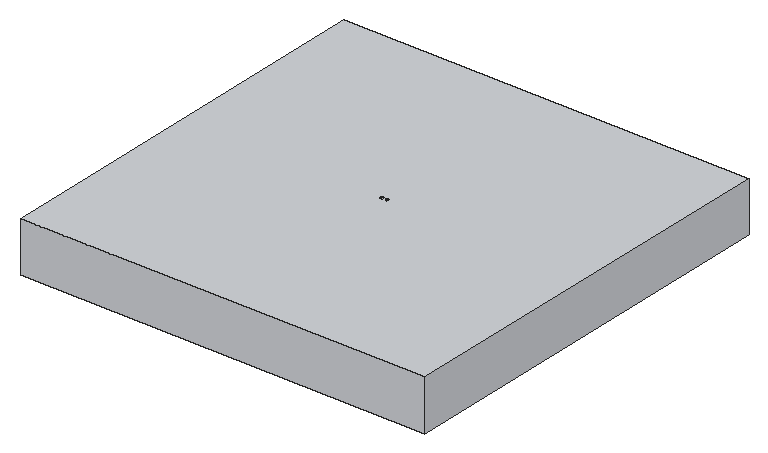
Revit family "IS_Active_B8079_BIM_GB", category Plumbing Fixtures, host Face, Revit 2012
Parameters (values of type "B8079AA-Active Kitchen Mixer 1 Hole Single Lever Handle")
  WorkingPressure = "6 L/min @ 3 bar"
  WaterEfficientProduct = no
  WarrantyStartDate = "1900-12-31T23:59:59"
  WarrantyGuarantorParts = "Productinfo@thebluebook.co.uk"
  WarrantyGuarantorLabor = "n/a"
  WarrantyDurationUnit = "year"
  WarrantyDurationParts = "5"
  WarrantyDurationLabor = "n/a"
  WarrantyDescription = "Manufacturers warranty"
  WRAS = no
  VolumeUnits = "Litres"
  Version = "1"
  Uniclass2 = "Pr_40_20_87_84"
  URL = "www.idealspec.co.uk"
  TestPressure = "10 Bar"
  TagNumber = "n/a"
  SustainabilityPerformance = "Can be recycled"
  SpareParts = "www.fastpart-spares.co.uk"
  Space = "Internal"
  Size = "158 x 274 x 56 mm"
  Shape = "Sculptured"
  SerialNumber = "n/a"
  Revision = "n/a"
  ReplacementCost = "n/a"
  ProductInformation = "www.idealspec.co.uk/assets/datasheet/B8079AA"
  Phone = "01482 346 461"
  NominalWidth = 55.919 mm
  NominalLength = 273.195 mm
  NominalHeight = 157.9 mm
  NominalDepth = 273.195 mm
  NettWeight = "2.77 Kg"
  Name = "WashBasinTaps_Active_B8079_IdealStandard"
  NBSTypeID = "n/a"
  NBSReference = "45-35-70/371"
  NBSOfficeMasterTag = "n/a"
  NBSNote = "n/a"
  NBSDescription = "Water supply fitting for wash basins and troughs"
  NBSCertification = "n/a"
  ModelReference = "Active kitchen mixer 1 hole single lever handle"
  ModelNumber = "B8079AA"
  Model = "B8079AA"
  ManufacturerURL = "www.idealspec.co.uk"
  Manufacturer = "productinfo@thebluebook.co.uk"
  LinearUnits = "millimeters"
  InstallationInstructions = "www.idealspec.co.uk/resources.html"
  InstallationDate = "1900-12-31T23:59:59"
  IfcExportType = "FAUCET"
  IfcExportAs = "IfcValveType"
  Help = "Productinfo@thebluebook.co.uk"
  GrossWeight = "n/a"
  Grade = "n/a"
  Finish = "Chrome"
  Features = "Kitchen mixer 1 hole single lever handle"
  FaucetType = "Other"
  FaucetTopDescription = "Lever"
  FaucetOperation = "Other"
  FaucetFunction = "MIXED"
  ExpectedLife = "30"
  ECA = no
  DurationUnit = "year"
  DistributedBy = "n/a"
  Description = "Active kitchen mixer 1 hole single lever handle"
  Default Elevation = 1219.2 mm
  Currency Units = "n/a"
  CreatedBy = "Ideal Standard (UK) Ltd"
  Constituents = "n/a"
  ConnectionType = "Plumbing"
  Brand = "Ideal Standard"
  BarCode = "3800861001546"
  BIMObjectName = "ISI_IdealStandard_WashBasinTaps_Active_B8079"
  Author = "Ideal Standard (UK) Ltd"
  AssetType = "Fixed"
  AssetIdentifier [instance] = "n/a"
  Assembly Code = "C1030200"
  AreaUnits = "millimeters"
  AreaMeasurement = "n/a"
  AccessibilityPerformance = "n/a"
Reference planes
  plane 1 "Center (Front/Back)": y = 0
  plane 2: z = 0
  plane 3 "Center (Left/Right)": x = 0
  plane 4: x = 27.959
  plane 5: x = -27.959
  plane 6: y = 27.784
  plane 7: y = -245.411
  plane 8: z = 157.9
Forms (mm)
  Extrusion 1, solid
    sketch origin (0, 0, 0) x (1, 0, 0) y (0, 1, 0)
      loop
        line (-1219.2, 1219.2) -> (-1219.2, -1219.2) -> (1219.2, -1219.2) -> (1219.2, 1219.2) -> (-1219.2, 1219.2)
    from 0 to -304.8
  Extrusion 2, solid, detail levels medium+fine
    sketch origin (0, 0, 0) x (1, 0, 0) y (0, 1, 0)
      loop
        circle (14.632, 0) r 7.5
      loop
        circle (-14.632, 0) r 7.5
    from 0 to -350
Dimensions and locks
  "NominalLength": plane 6 to plane 7
  "NominalWidth": plane 5 to plane 4
  "NominalHeight": plane 8 to Extrusion 1
  aligned and locked: plane 2 to Extrusion 1
  aligned and locked: level to Extrusion 1
  aligned and locked: plane 1 "Center (Front/Back)" to nested 1
  aligned and locked: plane 3 "Center (Left/Right)" to nested 1
  aligned and locked: nested 1 to Extrusion 1
  aligned and locked: plane 1 "Center (Front/Back)" to nested 2
  aligned and locked: plane 3 "Center (Left/Right)" to nested 2
Automatic sketch dimensions
  Extrusion 1 sketch curve to Extrusion 1 sketch curve = 2438.4 mm  (x2)
  plane 1 "Center (Front/Back)" to Extrusion 2 sketch curve = 0 mm  (x2)
  plane 5 to Extrusion 2 sketch curve = 13.327 mm
  plane 4 to Extrusion 2 sketch curve = 13.327 mm
  radius of Extrusion 2 sketch curve = 7.5 mm  (x2)
Nested families
  nested 1: "b8079_bim" at (0, 0, -28.1), type "b8079_bim", detail levels medium+fine
  nested 2: "IS_Active_B8079_BIM_GB-FloorPlan-Ref-Level" at (0, 0, 0), type "IS_Active_B8079_BIM_GB-FloorPlan-Ref-Level"
Connectors
  piping at (14.632, 0, -350)
    settings: on Extrusion 2, index 1, connector radius 0.29528", flow factor 0, pipe flow 0 GPM, pressure drop 0.00 psi, fitting loss kfactor 0, connector angle 0.00°, fixture units 0, engagement length 0 mm, flow configuration 2, flow direction 1, fitting loss method 0, system type 20, joint type 0, gender type 0, connector reference index -1, connector utility 0, adjustable connector no, is connector primary yes, fitting loss table "", connector description ""
  piping at (-14.632, 0, -350)
    settings: on Extrusion 2, index 2, connector radius 0.29528", flow factor 0, pipe flow 0 GPM, pressure drop 0.00 psi, fitting loss kfactor 0, connector angle 0.00°, fixture units 0, engagement length 0 mm, flow configuration 2, flow direction 1, fitting loss method 0, system type 19, joint type 0, gender type 0, connector reference index -1, connector utility 0, adjustable connector no, is connector primary no, fitting loss table "", connector description ""
Definition of nested family "b8079_bim"
  Parameters (values of type "b8079_bim")
    URL = ""
    Type Comments = ""
    Model = ""
    Manufacturer = ""
    Description = ""
    Cost = 0
  Reference planes
    plane 1: y = 0
    plane 2: z = 0
    plane 3: x = 0
Definition of nested family "IS_Active_B8079_BIM_GB-FloorPlan-Ref-Level"
  Reference planes
    plane 1 "Center (Front/Back)": y = 0
    plane 2: z = 0
    plane 3 "Center (Left/Right)": x = 0
  Dimensions and locks
    aligned and locked: import instance to plane 3 "Center (Left/Right)"
    aligned and locked: plane 1 "Center (Front/Back)" to import instance
